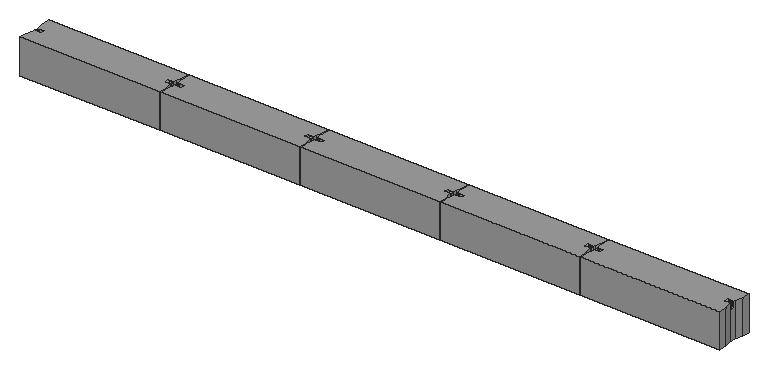
Revit family "GP_ФБС_Массив_R15", category Обобщенные модели, Revit 2015
Parameters (values of type "ФБС24.6.6-Т")
  Тип = GP_ФБС_R15 : ФБС24.6.6-Т
  Количество [instance] = 5
Types (15, lengths in mm): name | Тип
  (no name) | GP_ФБС_R15 : ФБС24.6.6-Т
  ФБС9.3.6-Т | GP_ФБС_R15 : ФБС9.3.6-Т
  ФБС24.3.6-Т | GP_ФБС_R15 : ФБС24.3.6-Т
  ФБС9.4.6-Т | GP_ФБС_R15 : ФБС9.4.6-Т
  ФБС9.5.6-Т | GP_ФБС_R15 : ФБС9.5.6-Т
  ФБС9.6.6-Т | GP_ФБС_R15 : ФБС9.6.6-Т
  ФБС12.4.3-Т | GP_ФБС_R15 : ФБС12.4.3-Т
  ФБС12.4.6-Т | GP_ФБС_R15 : ФБС12.4.6-Т
  ФБС12.5.3-Т | GP_ФБС_R15 : ФБС12.5.3-Т
  ФБС12.5.6-Т | GP_ФБС_R15 : ФБС12.5.6-Т
  ФБС12.6.3-Т | GP_ФБС_R15 : ФБС12.6.3-Т
  ФБС12.6.6-Т | GP_ФБС_R15 : ФБС12.6.6-Т
  ФБС24.4.6-Т | GP_ФБС_R15 : ФБС24.4.6-Т
  ФБС24.5.6-Т | GP_ФБС_R15 : ФБС24.5.6-Т
  ФБС24.6.6-Т | GP_ФБС_R15 : ФБС24.6.6-Т
Reference planes
  plane 1 "По центру (Вперед/Назад)": y = 0
  plane 2: z = 0
  plane 3 "По центру (Влево/Вправо)": x = 0
Dimensions and locks
  equal spacing: group 1, group 2, group 3, group 4, group 5  (x3)
  aligned and locked: level to plane 2
  aligned and locked: plane 1 "По центру (Вперед/Назад)" to nested 1
  aligned and locked: plane 3 "По центру (Влево/Вправо)" to nested 1
  aligned and locked: nested 2 to nested 1
Nested families
  nested 1: "GP_ФБС_R15" at (0, 0, 0), type <- "Тип", type "ФБС24.6.6-Т"
  nested 2: "GP_ФБС_R15" at (2380, 0, 0), type <- "Тип", type "ФБС24.6.6-Т"
  nested 3: "GP_ФБС_R15" at (4760, 0, 0), type <- "Тип", type "ФБС24.6.6-Т"
  nested 4: "GP_ФБС_R15" at (7140, 0, 0), type <- "Тип", type "ФБС24.6.6-Т"
  nested 5: "GP_ФБС_R15" at (9520, 0, 0), type <- "Тип", type "ФБС24.6.6-Т"
Definition of nested family "GP_ФБС_R15"
  Parameters (values of type "ФБС9.6.6-Т")
    Cost = 1500
    Description = "Фундаментный бетонный блок"  # constant formula
    Материал несущих конструкций = none
    Type Image = ФБС.png
    Manufacturer = "ООО «Компания Фурор-Строй»"  # constant formula
    Model = ""
    l2 = 100 mm
    l1 = 30 mm
    d3 = 40 mm
    d2 = 40 mm
    d1 = 120 mm
    GP_Электронная почта = "furorstroy@yandex.ru"  # constant formula
    GP_Прочность = "B7.5"  # constant formula
    GP_Объем = 0.293 m³
    GP_Морозостойкость = "F100"  # constant formula
    GP_Масса = 700.00 kg
    GP_Логотип компании = 0
    GP_Контактный телефон = "‎8-495-999-46-60, ‎8-916-155-11-85"  # constant formula
    GP_Водонепроницаемость = "W2"  # constant formula
    GP_Адрес = "Московская область, г. Подольск, ул. Шамотная, д. 11А"  # constant formula
    ADSK_Размер_Ширина = 600 mm
    ADSK_Размер_Длина = 880 mm
    ADSK_Размер_Высота = 580 mm
    ADSK_Наименование = "Фундаментный бетонный блок 9.6.6-Т"
    ADSK_Марка = "9.6.6-Т"
    ADSK_URL страницы изделия = "http://gbi-podolsk.ru/fbs/fundamentalny_blok_fbs_9_6_6t/"
  Types (16, lengths in mm): name | Cost | Model | l1 | d1 | GP_Объем | GP_Масса | ADSK_Размер_Ширина | ADSK_Размер_Длина | ADSK_Размер_Высота | ADSK_Наименование | ADSK_Марка | ADSK_URL страницы изделия
    (no name) | 1500 | "" | 30 | 120 | 0.293 m³ | 700.00 kg | 600 | 880 | 580 | "Фундаментный бетонный блок 9.6.6-Т" | "9.6.6-Т" | "http://gbi-podolsk.ru/fbs/fundamentalny_blok_fbs_9_6_6t/"
    ФБС24.3.6-Т | 1700 | "ФБС" | 20 | 50 | 0.406 m³ | 970.00 kg | 300 | 2380 | 580 | "Фундаментный бетонный блок 24.3.6-Т" | "24.3.6-Т" | "http://gbi-podolsk.ru/fbs/fundamentnyy_blok_fbs_24_3_6t/"
    ФБС9.3.6-Т | 820 | "ФБС" | 20 | 50 | 0.146 m³ | 350.00 kg | 300 | 880 | 580 | "Фундаментный бетонный блок 9.3.6-Т" | "9.3.6-Т" | "http://gbi-podolsk.ru/fbs/fundamentnyy_blok_fbs_9_3_6t/"
    ФБС24.4.6-Т | 2100 | "ФБС" | 30 | 80 | 0.543 m³ | 1300.00 kg | 400 | 2380 | 580 | "Фундаментный бетонный блок 24.4.6-Т" | "24.4.6-Т" | "http://gbi-podolsk.ru/fbs/fundamentnyy_blok_fbs_24_4_6t/"
    ФБС12.4.6-Т | 1250 | "ФБС" | 30 | 80 | 0.265 m³ | 640.00 kg | 400 | 1180 | 580 | "Фундаментный бетонный блок 12.4.6-Т" | "12.4.6-Т" | "http://gbi-podolsk.ru/fbs/fundamentnyy_blok_fbs_12_4_6t/"
    ФБС12.4.3-Т | 750 | "" | 30 | 80 | 0.127 m³ | 310.00 kg | 400 | 1180 | 280 | "Фундаментный бетонный блок 12.4.3-Т" | "12.4.3-Т" | "http://gbi-podolsk.ru/fbs/fundamentalnyy_blok_fbs_12_4_3t/"
    ФБС9.4.6-Т | 1030 | "ФБС" | 30 | 80 | 0.195 m³ | 470.00 kg | 400 | 880 | 580 | "Фундаментный бетонный блок 9.4.6-Т" | "9.4.6-Т" | "http://gbi-podolsk.ru/fbs/fundamentnyy_blok_fbs_9_4_6t/"
    ФБС24.5.6-Т | 2550 | "ФБС" | 30 | 100 | 0.679 m³ | 1630.00 kg | 500 | 2380 | 580 | "Фундаментный бетонный блок 24.5.6-Т" | "24.5.6-Т" | "http://gbi-podolsk.ru/fbs/fundamentnyy_blok_fbs_24_5_6t/"
    ФБС12.5.6-Т | 1425 | "ФБС" | 30 | 100 | 0.331 m³ | 790.00 kg | 500 | 1180 | 580 | "Фундаментный бетонный блок 12.5.6-Т" | "12.5.6-Т" | "http://gbi-podolsk.ru/fbs/fundamentnyy_blok_fbs_12_5_6t/"
    ФБС12.5.3-Т | 950 | "ФБС" | 30 | 100 | 0.159 m³ | 380.00 kg | 500 | 1180 | 280 | "Фундаментный бетонный блок 12.5.3-Т" | "12.5.3-Т" | "http://gbi-podolsk.ru/fbs/fundamentnyy_blok_fbs_12_5_3/"
    ФБС9.5.6-Т | 1250 | "ФБС" | 30 | 100 | 0.244 m³ | 590.00 kg | 500 | 880 | 580 | "Фундаментный бетонный блок 9.5.6-Т" | "9.5.6-Т" | "http://gbi-podolsk.ru/fbs/fundamentnyy_blok_fbs_9_5_6t/"
    ФБС24.6.6-Т | 3200 | "ФБС" | 30 | 120 | 0.815 m³ | 1960.00 kg | 600 | 2380 | 580 | "Фундаментный бетонный блок 24.6.6-Т" | "24.6.6-Т" | "http://gbi-podolsk.ru/fbs/fundamentalny_blok_fbs_24_6_6t/"
    ФБС12.6.6-Т | 1850 | "ФБС" | 30 | 120 | 0.398 m³ | 960.00 kg | 600 | 1180 | 580 | "Фундаментный бетонный блок 12.6.6-Т" | "12.6.6-Т" | "http://gbi-podolsk.ru/fbs/fundamentalny_blok_fbs_12_6_6t/"
    ФБС12.6.3-Т | 1150 | "ФБС" | 30 | 120 | 0.191 m³ | 460.00 kg | 600 | 1180 | 280 | "Фундаментный бетонный блок 12.6.3-Т" | "12.6.3-Т" | "http://gbi-podolsk.ru/fbs/fundamentalny_blok_fbs_12_6_3t/"
    ФБС9.6.6-Т | 1500 | "" | 30 | 120 | 0.293 m³ | 700.00 kg | 600 | 880 | 580 | "Фундаментный бетонный блок 9.6.6-Т" | "9.6.6-Т" | "http://gbi-podolsk.ru/fbs/fundamentalny_blok_fbs_9_6_6t/"
    ФБС12.3.6-Т ТУ | 750 | "" | 30 | 80 | 0.127 m³ | 310.00 kg | 400 | 1180 | 580 | "Фундаментный бетонный блок 12.3.6-Т ТУ" | "12.3.6-Т ТУ" | "http://gbi-podolsk.ru/fbs/fundamentalnyy_blok_fbs_12_4_3t/"
  Reference planes
    plane 1 "Вперед/Назад": y = 0
    plane 2: z = 0
    plane 3 "Вправо/Влево": x = 0
    plane 4: x = 880
    plane 5: y = 300
    plane 6: y = -300
    plane 7: y = 180
    plane 8: y = -180
    plane 9: x = 30
    plane 10: x = 850
    plane 11: z = 580
    plane 12: x = 130
    plane 13: z = 480
    plane 14: x = 750
    plane 15: y = -140
    plane 16: y = 140
  Forms (mm)
    Extrusion 1, solid, material <- "Материал несущих конструкций"
      sketch origin (0, 0, 0) x (1, 0, 0) y (0, 1, 0)
        loop
          line (0, 300) -> (0, 180) -> (30, 60) -> (30, -60) -> (0, -180) -> (0, -300) -> (880, -300) -> (880, -180) -> (850, -60) -> (850, 60) -> (880, 180) -> (880, 300) -> (0, 300)
      from 0 to 580
    Extrusion 2, void
      sketch origin (0, 0, 0) x (1, 0, 0) y (0, 0, 1)
        loop
          line (30, 580) -> (30, 480) -> (130, 580) -> (30, 580)
        loop
          line (850, 580) -> (750, 580) -> (850, 480) -> (850, 580)
      from -30 to 30
  Cuts and joins
    Extrusion 2 cuts Extrusion 1
  Dimensions and locks
    equal spacing: plane 5, plane 1 "Вперед/Назад", plane 6
    "ADSK_Размер_Ширина": plane 5 to plane 6
    "ADSK_Размер_Длина": plane 3 "Вправо/Влево" to plane 4
    "d1": plane 5 to plane 7
    "d1": plane 8 to plane 6
    "l1": plane 3 "Вправо/Влево" to plane 9
    "l1": plane 10 to plane 4
    "ADSK_Размер_Высота": plane 11 to plane 2
    "l2": plane 12 to plane 9
    "l2": plane 10 to plane 14
    "l2": plane 11 to plane 13
    "d3": plane 8 to plane 15
    "d3": plane 7 to plane 16
    aligned and locked: Extrusion 1 sketch curve to plane 5
    aligned and locked: plane 3 "Вправо/Влево" to Extrusion 1 sketch curve
    aligned and locked: Extrusion 1 sketch curve to plane 6
    aligned and locked: Extrusion 1 sketch curve to plane 4
    aligned and locked: Extrusion 1 sketch curve to plane 9
    aligned and locked: Extrusion 1 sketch curve to plane 10
    aligned and locked: plane 11 to Extrusion 1
    aligned and locked: Extrusion 1 to plane 2
    aligned and locked: Extrusion 2 sketch curve to plane 9
    aligned and locked: Extrusion 2 sketch curve to plane 11
    aligned and locked: Extrusion 2 sketch curve to plane 10
    aligned and locked: plane 11 to Extrusion 2 sketch curve
    aligned and locked: plane 9 to nested 1
    aligned and locked: nested 1 to plane 11
    aligned and locked: plane 11 to nested 2
    aligned and locked: plane 10 to nested 2
  Automatic sketch dimensions
    Extrusion 1 sketch curve to plane 8 = 0 mm  (x2)
    Extrusion 1 sketch curve to plane 7 = 0 mm  (x2)
    plane 1 "Вперед/Назад" to Extrusion 1 sketch curve = 60 mm  (x2)
    Extrusion 1 sketch curve to plane 1 "Вперед/Назад" = 60 mm  (x2)
    Extrusion 1 sketch curve to plane 4 = 0 mm
    Extrusion 1 sketch curve to plane 3 "Вправо/Влево" = 0 mm
    Extrusion 2 sketch curve to plane 12 = 0 mm
    Extrusion 2 sketch curve to plane 14 = 0 mm
    Extrusion 2 sketch curve to plane 13 = 0 mm  (x2)
  Nested families
    nested 1: "GP_ФБС_Петля" at (30, 0, 580) x (1, 0, 0) z (0, -1, 0), type "Петля"
    nested 2: "GP_ФБС_Петля" at (850, 0, 580) x (-1, 0, 0) z (0, -1, 0), type "Петля"
  Definition of nested family "GP_ФБС_Петля"
    Parameters (values of type "GP_ФБС_Петля")
      Default Elevation = 0 mm
      Материал = none
    Reference planes
      plane 1 "По центру (Вперед/Назад)": y = 0
      plane 2: z = 0
      plane 3 "По центру (Влево/Вправо)": x = 0
    Forms (mm)
      Sweep 1, solid, material <- "Материал"
        path origin (0, 0, 0) x (1, 0, 0) y (0, 1, 0)
          loop
            line (67.678, -32.322) -> (42.678, -7.322)
            arc (42.678, -7.322) -> (7.322, -7.322) -> (7.322, -42.678) r 25
            line (7.322, -42.678) -> (32.322, -67.678)
        profile origin (55.178, -19.822, 0) x (-0.707107, -0.707107, 0) y (0, 0, 1)
          loop
            circle (5, 0) r 5
    Dimensions and locks
      plane 3 "По центру (Влево/Вправо)" to Sweep 1 sketch curve = 25 mm
      Sweep 1 sketch curve to plane 1 "По центру (Вперед/Назад)" = 25 mm
      aligned and locked: level to plane 2
